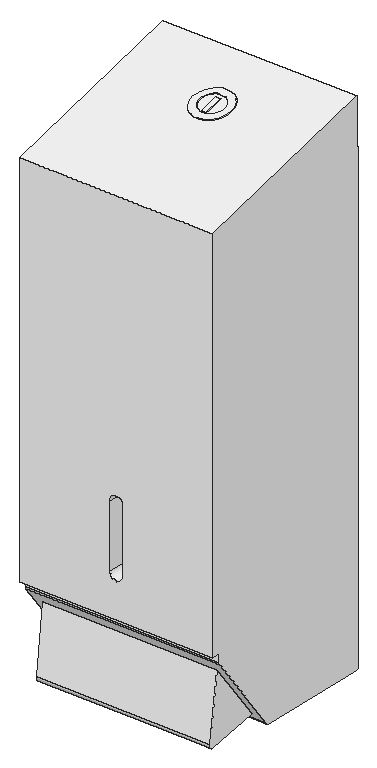
Revit family "IDP_Furniture_DIS926-HAND SANITISER DISPENSER", category Furniture, Revit 2026
Family settings
  Work Plane-Based = No
  Enable Cutting in Views = Yes
  Always vertical = Yes
  Cut with Voids When Loaded = No
  Render Appearance Source = Family Geometry
  Shared = Yes
  Room Calculation Point = No
Parameters (values of type "DIS926")
  Uniclass2015_Pr = "Pr_40_70_22_35 : Hand sanitizer dispensers"
  SFG20 = ""
  NRM3 = ""
  NRM1 = ""
  Height = 0 mm
  DispenserLockMaterial = NBS_Concept
  DispenserCaseMaterial = NBS_Concept
  Description = "HAND SANITISER DISPENSER"
  Default Elevation = 0 mm
  ADBUserData1 = "R1"
  ADBGroup = "2"
  ADBDescription = "DISPENSER, medical hand sanitiser (alcogel), automatic (non-touch), wall mounted"
  ADBCode = "DIS926"
Reference planes
  plane 1 "Center (Front/Back)": y = 0
  plane 2: z = 0
  plane 3 "Center (Left/Right)": x = 0
  plane 4: through (-56, -60.459, 1.421) normal (0, -0.7986, -0.6018)
  plane 5: through (-56, -87.182, 36.884) normal (0, 0.7986, 0.6018)
  plane 6: z = 47.011
  plane 7: y = -0.723
  plane 8: y = -1.647
  plane 9: y = -91.302
  plane 10: through (-45.425, -90.141, 5.234) normal (0, -0.9919, 0.1272)
  plane 11: through (-45.425, -78.833, 1.89) normal (0, 0.1908, -0.9816)
  plane 12: through (-45.425, -90.051, 40.691) normal (0, 0.7986, 0.6018)
  plane 13: through (-50.5, -60.892, 1.995) normal (0, -0.7986, -0.6018)
  plane 14: through (-50.5, -87.299, 27.397) normal (0, 0.9919, -0.1272)
  plane 15: through (-50.5, -68.388, 3.921) normal (0, 0.1908, -0.9816)
Forms (mm)
  Extrusion 1, solid, material "NBS_Concept" <- "DispenserCaseMaterial", detail levels coarse
    sketch origin (-56, 0, 124.592) x (0, 0, 1) y (0, -1, 0)
      loop
        line (-124.592, 59.388) -> (-124.592, 0) -> (144.408, 0) -> (120.722, 95) -> (-77.334, 95) -> (-124.592, 59.388)
    from 5.5 to 106.5
  Extrusion 2, solid, material "NBS_Concept" <- "DispenserCaseMaterial", detail levels medium+fine
    sketch origin (-56, 0, 124.592) x (0, 0, 1) y (0, -1, 0)
      loop
        line (-82.729, 90.935) -> (-124.053, 59.795)
        arc (-124.053, 59.795) -> (-124.45, 59.318) -> (-124.592, 58.713) r 1.355
        line (-124.592, 58.713) -> (-124.592, 2.115)
        arc (-124.592, 2.115) -> (-124.184, 1.131) -> (-123.2, 0.723) r 1.393
        line (-123.2, 0.723) -> (118.968, 0.723)
        arc (118.968, 0.723) -> (119.905, 0.97) -> (120.599, 1.647) r 1.9
        line (120.599, 1.647) -> (143.997, 1.647) -> (120.722, 95) -> (-77.581, 95) -> (-77.581, 91.302) -> (-81.632, 91.302)
        arc (-81.632, 91.302) -> (-82.21, 91.208) -> (-82.729, 90.935) r 1.823
    from 5.5 to 106.5
  Extrusion 3, solid, material "NBS_Concept" <- "DispenserCaseMaterial", detail levels medium+fine
    sketch origin (-45.425, 0, 124.592) x (0, 0, 1) y (0, -1, 0)
      loop
        line (-119.647, 63.115) -> (-88.955, 86.243) -> (-122.508, 90.545)
        arc (-122.508, 90.545) -> (-124.089, 89.976) -> (-124.554, 88.362) r 1.845
        line (-124.554, 88.362) -> (-119.647, 63.115)
    from 0 to 90.5
  Extrusion 4, solid, material "NBS_Concept" <- "DispenserLockMaterial", detail levels medium+fine
    sketch origin (0, -30.172, 245.605) x (0, 0.970296, 0.241922) y (1, 0, 0)
      loop
        circle (1.339, 0) r 10
      loop
        circle (1.379, 0) r 6.5
      loop
        line (-4.289, -1.117) -> (5.433, -1.117) -> (5.433, 1.097) -> (-4.289, 1.097) -> (-4.289, -1.117)
    from -15.401 to -13.401
  Extrusion 5, solid, material "NBS_Concept", detail levels coarse
    sketch origin (-50.5, 0, 124.592) x (0, 0, 1) y (0, -1, 0)
      loop
        line (-88.955, 86.243) -> (-125.042, 90.869) -> (-119.647, 63.115) -> (-88.955, 86.243)
    from 5.075 to 95.575
  Extrusion 6, void, detail levels medium+fine
    sketch origin (0, 0, 124.592) x (1, 0, 0) y (0, 0, 1)
      loop
        line (-3.519, -23.12) -> (-3.519, -56.12)
        arc (-3.519, -56.12) -> (-0.019, -59.62) -> (3.481, -56.12) r 3.5
        line (3.481, -56.12) -> (3.481, -23.12)
        arc (3.481, -23.12) -> (-0.019, -19.62) -> (-3.519, -23.12) r 3.5
    from 29.411 to 95
Cuts and joins
  Extrusion 6 cuts Extrusion 1
  Extrusion 6 cuts Extrusion 2
Lines and regions (mm)
  model lines
    curve 1: line (-50.5, 0, 0) -> (50.5, 0, 0)
    curve 2: line (-50.5, -95, 0) -> (-50.5, 0, 0)
    curve 3: line (50.5, -95, 0) -> (-50.5, -95, 0)
    curve 4: line (50.5, 0, 0) -> (50.5, -95, 0)
    curve 6: circle (0, -32.382, 0) r 10 normal (0, 0, 1)
  symbolic lines
    curve 5: circle (0.073, -32.261, 0) r 6.49 normal (0, 0, 1)
Dimensions and locks
  aligned and locked: Extrusion 1 sketch curve to plane 4
  aligned and locked: Extrusion 2 sketch curve to plane 5
  aligned and locked: Extrusion 2 sketch curve to plane 6
  aligned and locked: Extrusion 2 sketch curve to plane 7
  aligned and locked: Extrusion 2 sketch curve to plane 8
  aligned and locked: Extrusion 2 sketch curve to plane 9
  aligned and locked: Extrusion 3 sketch curve to plane 11
  aligned and locked: Extrusion 3 sketch curve to plane 10
  aligned and locked: Extrusion 3 sketch curve to plane 12
  aligned and locked: Extrusion 4 to Extrusion 1
  aligned and locked: Extrusion 5 sketch curve to plane 14
  aligned and locked: Extrusion 5 sketch curve to plane 15
  aligned and locked: Extrusion 5 to Extrusion 3  (x2)
